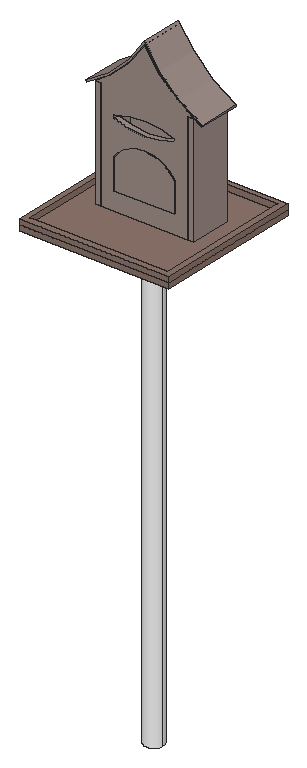
Revit family
Parameters (values of type "320 x 320 mm")
  Post Height = 1000 mm
  Material of Pole = Pole Material
  Material of Box = Box Material
  Material of Base = Base Material
Reference planes
  plane 1 "Center (Front/Back)": y = 0
  plane 2: z = 0
  plane 3 "Center (Left/Right)": x = 0
  plane 4: z = 1000
  plane 5: y = 65
  plane 6: y = -25
  plane 7: x = -160
  plane 8: x = 160
  plane 9: y = 160
  plane 10: y = -160
Forms (mm)
  Extrusion 1, solid, material "Pole Material" <- "Material of Pole"
    sketch origin (0, 0, 0) x (1, 0, 0) y (0, 1, 0)
      loop
        circle (0, 0) r 20
    from 0 to 1000
  Extrusion 2, solid, material "Base Material" <- "Material of Base"
    sketch origin (0, 0, 1000) x (-1, 0, 0) y (0, -1, 0)
      loop
        line (160, -160) -> (160, 160) -> (-160, 160) -> (-160, -160) -> (160, -160)
    from 0 to 12
  Extrusion 3, solid, material "Base Material" <- "Material of Base"
    sketch origin (0, 0, 1000) x (-1, 0, 0) y (0, -1, 0)
      loop
        line (160, -160) -> (160, 160) -> (-160, 160) -> (-160, -160) -> (160, -160)
      loop
        line (148, -148) -> (148, 148) -> (-148, 148) -> (-148, -148) -> (148, -148)
    from 12 to 24
  Extrusion 4, solid, material "Box Material" <- "Material of Box"
    sketch origin (0, 0, 1000) x (-1, 0, 0) y (0, -1, 0)
      loop
        line (105, -65) -> (105, 25) -> (93, 25) -> (93, -53) -> (-93, -53) -> (-93, 25) -> (-105, 25) -> (-105, -65) -> (105, -65)
    from 12 to 250
  Extrusion 5, solid, material "Box Material" <- "Material of Box"
    sketch origin (0, 0, 0) x (1, 0, 0) y (0, 0, 1)
      loop
        arc (0, 1355) -> (53.474, 1288.625) -> (123.417, 1239.911) r 300.857
        line (123.417, 1239.911) -> (125.215, 1243.485)
        arc (125.215, 1243.485) -> (53.704, 1293.907) -> (0, 1362.987) r 296.857
        arc (0, 1362.987) -> (-53.704, 1293.907) -> (-125.215, 1243.485) r 296.857
        line (-125.215, 1243.485) -> (-123.417, 1239.911)
        arc (-123.417, 1239.911) -> (-53.474, 1288.625) -> (0, 1355) r 300.857
    from -65 to 25
  Extrusion 6, solid, material "Box Material" <- "Material of Box"
    sketch origin (0, 0, 0) x (1, 0, 0) y (0, 0, 1)
      loop
        line (-93, 1012) -> (93, 1012) -> (93, 1250) -> (105, 1250)
        arc (105, 1250) -> (45.92, 1295.92) -> (0, 1355) r 300.857
        arc (0, 1355) -> (-45.92, 1295.92) -> (-105, 1250) r 300.857
        line (-105, 1250) -> (-93, 1250) -> (-93, 1012)
      loop
        arc (-65, 1191.132) -> (0, 1178.932) -> (65, 1191.132) r 179.261
        line (65, 1191.132) -> (65, 1197.034)
        arc (65, 1197.034) -> (0, 1209.233) -> (-65, 1197.034) r 179.261
        line (-65, 1197.034) -> (-65, 1191.132)
      loop
        line (-65, 1117) -> (-65, 1052) -> (65, 1052) -> (65, 1117)
        arc (65, 1117) -> (0, 1151.582) -> (-65, 1117) r 78.378
    from 13 to 25
  Extrusion 7, solid, material "Box Material" <- "Material of Box"
    sketch origin (0, 0, 0) x (1, 0, 0) y (0, 0, 1)
      loop
        line (-65, 1052) -> (65, 1052) -> (65, 1117)
        arc (65, 1117) -> (0, 1151.582) -> (-65, 1117) r 78.378
        line (-65, 1117) -> (-65, 1052)
    from 13 to 26
Dimensions and locks
  "Post Height": plane 4 to level
  plane 7 to plane 8 = 320 mm
  plane 9 to plane 10 = 320 mm
  locked: plane 6 to plane 5 at 90
  plane 5 to plane 6 = 90 mm
  aligned and locked: plane 4 to Extrusion 1
  aligned and locked: Extrusion 2 to Extrusion 1
  aligned and locked: Extrusion 3 sketch curve to Extrusion 2  (x3)
  aligned and locked: Extrusion 2 to Extrusion 3 sketch curve
  aligned and locked: Extrusion 4 sketch curve to Extrusion 4 sketch curve
  aligned and locked: Extrusion 3 to Extrusion 2
  aligned and locked: Extrusion 4 to Extrusion 2
  aligned and locked: Extrusion 5 to Extrusion 4
  aligned and locked: plane 5 to Extrusion 5
  aligned and locked: Extrusion 5 to plane 6
  aligned and locked: Extrusion 4 to Extrusion 5
  aligned and locked: Extrusion 6 sketch curve to Extrusion 4  (x2)
  aligned and locked: Extrusion 4 to Extrusion 6 sketch curve  (x2)
  aligned and locked: Extrusion 6 sketch curve to Extrusion 5  (x2)
  aligned and locked: Extrusion 6 to Extrusion 4
  aligned and locked: Extrusion 7 sketch curve to Extrusion 6  (x4)
  aligned and locked: Extrusion 6 to Extrusion 7
  aligned and locked: plane 7 to Extrusion 2
  aligned and locked: Extrusion 2 to plane 8
  aligned and locked: Extrusion 2 to plane 9
  aligned and locked: plane 10 to Extrusion 2
Automatic sketch dimensions
  Extrusion 1 sketch curve to plane 1 "Center (Front/Back)" = 0 mm
  Extrusion 1 sketch curve to plane 3 "Center (Left/Right)" = 0 mm
  plane 3 "Center (Left/Right)" to Extrusion 2 sketch curve = 160 mm
  Extrusion 2 sketch curve to plane 3 "Center (Left/Right)" = 160 mm
  Extrusion 2 sketch curve to plane 1 "Center (Front/Back)" = 160 mm
  plane 1 "Center (Front/Back)" to Extrusion 2 sketch curve = 160 mm
  Extrusion 3 sketch curve to Extrusion 3 sketch curve = 12 mm  (x4)
  plane 1 "Center (Front/Back)" to Extrusion 4 sketch curve = 25 mm
  plane 3 "Center (Left/Right)" to Extrusion 4 sketch curve = 105 mm
  Extrusion 4 sketch curve to Extrusion 4 sketch curve = 12 mm  (x3)
  Extrusion 4 sketch curve to plane 3 "Center (Left/Right)" = 93 mm
  Extrusion 4 sketch curve to plane 1 "Center (Front/Back)" = 53 mm
  Extrusion 5 sketch curve to plane 3 "Center (Left/Right)" = 0 mm  (x2)
  Extrusion 5 sketch curve to plane 3 "Center (Left/Right)" = 123.417 mm
  Extrusion 5 sketch curve to Extrusion 5 sketch curve = 1.798 mm  (x2)
  Extrusion 5 sketch curve to plane 3 "Center (Left/Right)" = 258.658 mm
  Extrusion 5 sketch curve to Extrusion 5 sketch curve = 0 mm  (x2)
  plane 4 to Extrusion 5 sketch curve = 239.911 mm
  Extrusion 5 sketch curve to Extrusion 5 sketch curve = 3.573 mm  (x2)
  Extrusion 5 sketch curve to Extrusion 5 sketch curve = 111.515 mm
  Extrusion 5 sketch curve to Extrusion 5 sketch curve = 7.987 mm
  plane 3 "Center (Left/Right)" to Extrusion 5 sketch curve = 123.417 mm
  plane 3 "Center (Left/Right)" to Extrusion 5 sketch curve = 258.658 mm
  Extrusion 5 sketch curve to Extrusion 5 sketch curve = 115.089 mm
  Extrusion 6 sketch curve to plane 3 "Center (Left/Right)" = 0 mm  (x3)
  Extrusion 6 sketch curve to Extrusion 6 sketch curve = 28 mm  (x2)
  Extrusion 6 sketch curve to plane 3 "Center (Left/Right)" = 65 mm
  plane 3 "Center (Left/Right)" to Extrusion 6 sketch curve = 65 mm
  Extrusion 6 sketch curve to Extrusion 6 sketch curve = 12 mm
  plane 4 to Extrusion 6 sketch curve = 29.973 mm
  Extrusion 6 sketch curve to Extrusion 6 sketch curve = 40 mm
  Extrusion 6 sketch curve to Extrusion 6 sketch curve = 43.232 mm
  Extrusion 6 sketch curve to Extrusion 6 sketch curve = 65 mm
  Extrusion 6 sketch curve to Extrusion 6 sketch curve = 58.868 mm
  Extrusion 6 sketch curve to Extrusion 6 sketch curve = 5.902 mm
  Extrusion 6 sketch curve to Extrusion 6 sketch curve = 3.193 mm
  radius of Extrusion 1 sketch curve = 20 mm
